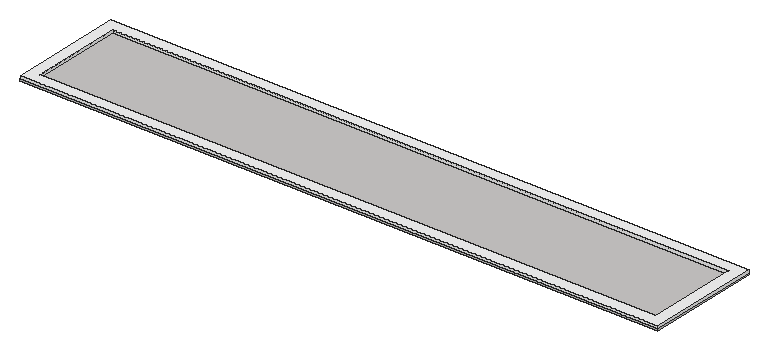
Revit family "4L-R-D", category Lighting Fixtures, host Face, Revit 2021
Family settings
  Host = Face
  Round Connector Dimension = Use Diameter
  Part Type = Normal
  OmniClass Number = 23.80.70.11.14.17
  OmniClass Title = Direct/Indirect
  Cut with Voids When Loaded = No
  Light Source = Yes
  Shared = Yes
  Room Calculation Point = No
Parameters (values of type "4L-R-D-02'")
  Width = 4.250"  # constant formula
  Wattage = 34 W
  Warranty = "5-Years Warranty"  # constant formula
  built-in parameter 1150110 = 1 (stored number, unit not read)
  Voltage = 120 V
  Type Comments = "Lighting Fixture"  # constant formula
  built-in parameter 1114217 = 1 (stored number, unit not read)
  Tilt Angle = 90.00°
  built-in parameter 1150109 = 1 (stored number, unit not read)
  built-in parameter 1150134 = (empty or 0)
  built-in parameter 1150113 = 1 (stored number, unit not read)
  Starting Length = (Row Length / 2) * -1  # -12.000"
  Product URL = ""
  Product Documentation URL = ""
  Power Factor = 1
  Photometric Web File = "4L-R-AD-4-ASYM-X-CX-35K-D030.ies"
  Photometric Notes = "More IES files download on Photometric Link"  # constant formula
  Row Length = 24.000"
  Wattage Comments = "18W"
  URL = "https://www.currentlighting.com/litecontrol"
  Mounting = "Recessed"  # constant formula
  Model = "MOD™ 4L LED Recessed Slot"  # constant formula
  Manufacturer = "Litecontrol"  # constant formula
  built-in parameter 1150105 = 265.15 (stored number, unit not read)
  Lumens = 3332 lm
  built-in parameter 1150115 = 1 (stored number, unit not read)
  Load Classification = Lighting
  built-in parameter 1150137 = (empty or 0)
  built-in parameter 1150139 = (empty or 0)
  built-in parameter 1150112 = 1 (stored number, unit not read)
  built-in parameter 1150114 = 1 (stored number, unit not read)
  Lamp = "LED"  # constant formula
  built-in parameter 1150132 = (empty or 0)
  built-in parameter 1150102 = (empty or 0)
  built-in parameter 1150107 = 3500 (stored number, unit not read)
  built-in parameter 1150138 = (empty or 0)
  built-in parameter 1150106 = 2.6515 (stored number, unit not read)
  Glass = Paint - Textured Matte White
  Fixture Distribution = "Direct"  # constant formula
  Features = "Variable Intensity technology provides specifiable lumen output/wattage\r\nEnd cap design eliminates visible diffuser seams/gaps\r\n2 SDCM color variation\r\nAvailable on Litespeed 10-Day Quick Ship program in select configurations\r\nSpectraSync™ Color Tuning Technology available\r\nNX Distributed Intelligence™ wired and wireless controls capability available\r\n PoE Lighting and Control options available"  # constant formula
  Ending Length = (Row Length / 2)  # 12.000"
  Emit from Rectangle Width = Row Length - 1.000"  # 23.000"
  Emit from Rectangle Length = Width - 0.500"  # 3.750"
  Emit Shape Visible in Rendering = no
  built-in parameter 1150104 = 9.1045 (stored number, unit not read)
  Dimming Lamp Color Temperature Shift = <None>
  Description = "The MOD™ 4L LED Recessed Slot (4L-R-D) is part of the MODx family, which is an affordably-priced, full-featured offering with best-in-class attention to detail."  # constant formula
  Default Elevation = 48.000"
  Copyright = "Copyright © Litecontrol"  # constant formula
  Contact Us = ""
  Color Filter = 16777215
  Bulb = Glass - White
  built-in parameter 1114218 = 1 (stored number, unit not read)
  Housing Material = Paint - Matte White
  built-in parameter 1150133 = 10 (stored number, unit not read)
  Assembly Code = "D5020200"
  Application = "Commercial Indoor,Institutional,Education,Library,Office,Public Space,Retail"  # constant formula
  Apparent Load = 0 VA
Types (7): name | Starting Length | Row Length | Ending Length | Emit from Rectangle Width
  (no name) | -12.000" | 24.000" | 12.000" | 23.000"
  4L-R-D-02' | -12.000" | 24.000" | 12.000" | 23.000"
  4L-R-D-03' | -18.000" | 36.000" | 18.000" | 35.000"
  4L-R-D-04' | -24.000" | 48.000" | 24.000" | 47.000"
  4L-R-D-05' | -30.000" | 60.000" | 30.000" | 59.000"
  4L-R-D-06' | -36.000" | 72.000" | 36.000" | 71.000"
  4L-R-D-08' | -48.000" | 96.000" | 48.000" | 95.000"
Reference planes (in)
  plane 1 "Center (Front/Back)": y = 13.01342
  plane 2: z = 0
  plane 3 "Center (Left/Right)": x = 2.36211
  plane 4: x = -9.63789
  plane 5: x = 14.36211
  plane 6: y = 15.13842
  plane 7: y = 10.88842
  plane 8: z = 4.438
  plane 9: z = -4.438
  plane 10: x = 65.15898
  plane 11: x = -60.43477
Forms (in)
  Sweep 1, solid, material "Paint - Matte White" <- "Housing Material"
    path in 3D
      loop
        line (-9.63789, 10.88842, 0.05) -> (14.36211, 10.88842, 0.05) -> (14.36211, 15.13842, 0.05) -> (-9.63789, 15.13842, 0.05) -> (-9.63789, 10.88842, 0.05)
    profile origin (-9.63789, 13.01342, 0.05) x (1, 0, 0) y (0, 0, 1)
      loop
        line (0, 0) -> (0.4, 0) -> (0.4, 0.12) -> (0, 0.12) -> (0, 0)
  Extrusion 2, void
    sketch origin (0, 0, 0) x (1, 0, 0) y (0, 1, 0)
      loop
        line (-9.63789, 15.13842) -> (-9.63789, 10.88842) -> (14.36211, 10.88842) -> (14.36211, 15.13842) -> (-9.63789, 15.13842)
    from 0 to -4.438
  Extrusion 3, solid, material "Paint - Textured Matte White" <- "Glass"
    sketch origin (0, 0, 0) x (1, 0, 0) y (0, 1, 0)
      loop
        line (-9.63789, 15.13842) -> (-9.63789, 10.88842) -> (14.36211, 10.88842) -> (14.36211, 15.13842) -> (-9.63789, 15.13842)
    from 0.05 to 0
Cuts and joins
  Extrusion 2 cuts Sweep 1
Lines and regions (in)
  sketch lines
    curve 1: line (-9.63789, 15.13842, 0.05) -> (-9.63789, 10.88842, 0.05)
    curve 2: line (14.36211, 15.13842, 0.05) -> (-9.63789, 15.13842, 0.05)
    curve 3: line (-9.63789, 10.88842, 0.05) -> (14.36211, 10.88842, 0.05)
    curve 4: line (14.36211, 10.88842, 0.05) -> (14.36211, 15.13842, 0.05)
Dimensions and locks (in)
  equal spacing: plane 4, plane 3 "Center (Left/Right)", plane 5
  "Row Length": plane 4 to plane 5
  "Width": plane 7 to plane 6
  equal spacing: plane 7, plane 1 "Center (Front/Back)", plane 6
  equal spacing: plane 10, plane 3 "Center (Left/Right)", plane 11
  aligned and locked: plane 2 to host face
  aligned and locked: level to host face
  aligned and locked: imposter light to plane 1 "Center (Front/Back)"
  aligned and locked: Extrusion 3 to plane 4
  aligned and locked: imposter light to plane 3 "Center (Left/Right)"
Automatic sketch dimensions
  host sketch curve to host sketch curve = 96.000"  (x2)
  Sweep 1 sketch curve to profile plane = 0.000"  (x2)
  profile plane to Sweep 1 sketch curve = 0.120"
  Sweep 1 sketch curve to Sweep 1 sketch curve = 0.400"
  Extrusion 2 sketch curve to plane 4 = 0.000"
  Extrusion 2 sketch curve to plane 5 = 0.000"
  plane 7 to Extrusion 2 sketch curve = 0.000"
  plane 6 to Extrusion 2 sketch curve = 0.000"
  Extrusion 3 sketch curve to plane 3 "Center (Left/Right)" = 12.000"
  Extrusion 3 sketch curve to plane 5 = 0.000"
  plane 7 to Extrusion 3 sketch curve = 0.000"
  plane 6 to Extrusion 3 sketch curve = 0.000"
Connectors (in)
  electrical at (2.36211, 13.01342, 0.17), driven by "Apparent Load", driven by "Voltage", driven by "Load Classification"
    settings: on cut or joined group of Sweep 1, Extrusion 2, index 1, voltage 120 V, apparent load 0 VA, apparent load phase1 0 VA, apparent load phase2 0 VA, apparent load phase3 0 VA, power factor 1, load classification "Lighting", number of poles 1, system type 30, power factor state 1, is connector primary yes, connector utility no, sub classification motor no, connector description "Lighting Connector"
